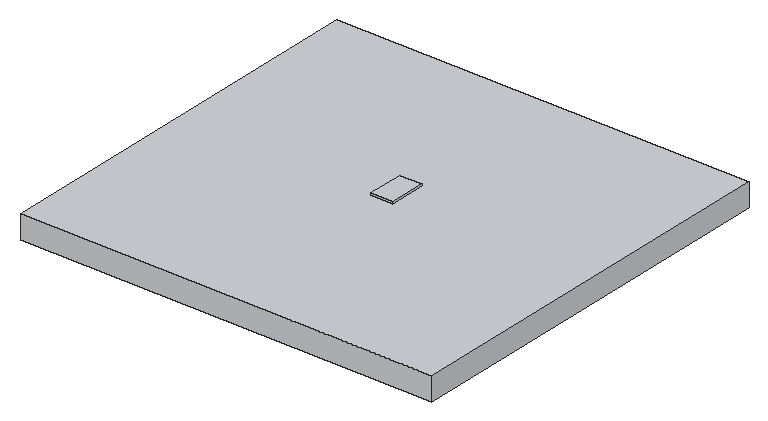
Revit family "a75bf0c049d142bb9499e8e434455553", category Aparatos eléctricos, Revit 2026
Family settings
  Anfitrión = Cara
  Cota de conector redondo = Usar diámetro
  Tipo de pieza = Interruptor
  ID de elemento Seek = Switch-0000-CAN-ENU
  Corte con vacíos al cargar = No
  Mantener orientación de anotación = Sí
  Compartido = No
  Punto de cálculo de habitación = No
Parameters (values of type "Ventilador")
  Voltaje de interruptor = 120 V
  Número de polos de interruptor = 1
  Clasificación de carga = Otros
  Texto de etiqueta = "F"
  Elevación por defecto = 1200 mm
  Carga aparente = 0 VA
Types (4, lengths in mm): name | Texto de etiqueta | Elevación por defecto
  Puerta motorizada | "F" | 1200
  Pantalla motorizada | "MS" | 1219
  Pantalla de proyección | "PS" | 1219
  Ventilador | "F" | 1200
Reference planes
  plane 1 "Centro (Frontal/Posterior)": y = 0
  plane 2: z = 0
  plane 3 "Centro (Izquierda/Derecha)": x = 0
  plane 4: x = -34.925
  plane 5: x = 34.925
  plane 6: x = -19.05
  plane 7: x = 19.05
  plane 8: y = 57.15
  plane 9: y = -57.15
  plane 10: y = 38.1
  plane 11: y = -38.1
  plane 12 "nivel superior": z = 4.762
  plane 13 "nivel inferior": z = -53.975
Forms (mm)
  Extrusion 1, solid
    sketch origin (0, 0, 0) x (1, 0, 0) y (0, 1, 0)
      loop
        line (-644.525, 571.5) -> (-644.525, -666.75) -> (644.525, -666.75) -> (644.525, 571.5) -> (-644.525, 571.5)
    from 0 to -72.672
  Extrusion 2, solid
    sketch origin (0, 0, 0) x (1, 0, 0) y (0, 1, 0)
      loop
        line (-34.925, 57.15) -> (-34.925, -57.15) -> (34.925, -57.15) -> (34.925, 57.15) -> (-34.925, 57.15)
    from 0 to 4.762
  Extrusion 3, solid
    sketch origin (0, 0, 0) x (1, 0, 0) y (0, 1, 0)
      loop
        line (-19.05, 38.1) -> (-19.05, -38.1) -> (19.05, -38.1) -> (19.05, 38.1) -> (-19.05, 38.1)
    from 0 to -53.975
Lines and regions (mm)
  symbolic lines, detail levels fine
    curve 1: line (-34.925, 0, 4.762) -> (34.925, 0, 4.762)
    curve 2: line (-34.925, 0, 0) -> (-34.925, 0, 4.762)
    curve 3: line (34.925, 0, 0) -> (-34.925, 0, 0)
    curve 4: line (34.925, 0, 4.762) -> (34.925, 0, 0)
    curve 5: line (-19.05, 0, -53.975) -> (19.05, 0, -53.975)
    curve 6: line (-19.05, 0, 0) -> (-19.05, 0, -53.975)
    curve 7: line (19.05, 0, -53.975) -> (19.05, 0, 0)
Dimensions and locks
  equal spacing: plane 6, plane 3 "Centro (Izquierda/Derecha)", plane 7, locked at 19.05 each
  locked: plane 6 to plane 7 at 38.1
  equal spacing: plane 4, plane 3 "Centro (Izquierda/Derecha)", plane 5, locked at 34.925 each
  locked: plane 4 to plane 5 at 69.85
  locked: plane 8 to plane 9 at 114.3
  locked: plane 12 "nivel superior" to level at 4.763
  locked: level to plane 13 "nivel inferior" at 53.975
  locked: plane 10 to plane 11 at 76.2
  equal spacing: plane 10, plane 1 "Centro (Frontal/Posterior)", plane 11, locked at 38.1 each
  equal spacing: plane 8, plane 1 "Centro (Frontal/Posterior)", plane 9, locked at 57.15 each
  aligned and locked: plane 2 to Extrusion 1
  aligned and locked: level to Extrusion 1
  aligned and locked: plane 8 to Extrusion 2
  aligned and locked: Extrusion 2 to plane 9
  aligned and locked: plane 5 to Extrusion 2
  aligned and locked: Extrusion 2 to plane 4
  aligned and locked: Extrusion 2 to level
  aligned and locked: plane 12 "nivel superior" to Extrusion 2
  aligned and locked: plane 10 to Extrusion 3
  aligned and locked: Extrusion 3 to plane 6
  aligned and locked: plane 7 to Extrusion 3
  aligned and locked: Extrusion 3 to plane 11
  aligned and locked: Extrusion 3 to level
  aligned and locked: Extrusion 3 to plane 13 "nivel inferior"
  aligned and locked: plane 3 "Centro (Izquierda/Derecha)" to nested 1
  aligned and locked: plane 1 "Centro (Frontal/Posterior)" to nested 1
  aligned and locked: curve 1 to plane 12 "nivel superior"
  aligned and locked: plane 2 to curve 3
  aligned and locked: curve 5 to plane 13 "nivel inferior"
Automatic sketch dimensions
  Extrusion 2 sketch curve to plane 4 = 0 mm
  Extrusion 2 sketch curve to plane 5 = 0 mm
  Extrusion 2 sketch curve to plane 9 = 0 mm
  Extrusion 2 sketch curve to plane 8 = 0 mm
  Extrusion 3 sketch curve to plane 6 = 0 mm
  Extrusion 3 sketch curve to plane 7 = 0 mm
  Extrusion 3 sketch curve to plane 11 = 0 mm
  Extrusion 3 sketch curve to plane 10 = 0 mm
  Extrusion 1 sketch curve to Extrusion 1 sketch curve = 1289.05 mm
  Extrusion 1 sketch curve to Extrusion 1 sketch curve = 1238.25 mm
  curve 2 to plane 4 = 0 mm
  curve 3 to plane 5 = 0 mm
  plane 4 to curve 7 = 53.975 mm
  curve 5 to curve 5 = 38.1 mm
Nested families
  nested 1: "M_Anotación de interruptor" at (0, 0, 0), type "Anotación de interruptor", detail levels coarse+medium
Connectors
  electrical at (0, 38.1, -26.988), driven by "Voltaje de interruptor", driven by "Carga aparente", driven by "Número de polos de interruptor", driven by "Clasificación de carga"
    settings: on Extrusion 3, index 1, voltage 120 V, apparent load 0 VA, apparent load phase1 0 VA, apparent load phase2 0 VA, apparent load phase3 0 VA, power factor 1, load classification "Otros", number of poles 1, system type 31, power factor state 1, is connector primary yes, connector utility no, sub classification motor no, connector description ""
Definition of nested family "M_Anotación de interruptor"
  Parameters
    Texto de etiqueta = "SC"
  Reference planes
    plane 1: y = 0
    plane 2: x = 0
  Lines and regions (mm)
    detail lines
      curve 1: line (0, 3.175, 0) -> (0, 0, 0)
      curve 3: arc (0.383, 2.833, 0) -> (-0.62, 2.459, 0) -> (0, 1.587, 0) r 0.674
      curve 4: arc (0, 1.587, 0) -> (0.392, 0.545, 0) -> (-0.718, 0.631, 0) r 0.66
    reference lines
      curve 2: line (0, 1.587, 0) -> (-3.044, 1.588, 0)
      curve 5: line (2.564, -1.199, 0) -> (2.564, 2.384, 0)
      curve 6: line (2.564, -1.199, 0) -> (7.201, -1.199, 0)
      curve 7: line (2.564, 1.163, 0) -> (7.878, 1.163, 0)
  Text (mm)
    label "2" at (0.646, -0.127, 0), shows "Texto de etiqueta"
  Dimensions and locks
    locked: curve 6 to curve 7 at 2.362
    locked: curve 1 to curve 5 at 2.564
    locked: curve 1 to curve 1 at 3.175
    locked: plane 1 to curve 2 at 1.588
    aligned and locked: curve 1 to curve 2
    aligned and locked: curve 3 to curve 2
    aligned and locked: curve 4 to curve 2
    aligned and locked: plane 1 to curve 1
    aligned and locked: curve 1 to plane 2
    aligned and locked: plane 2 to curve 1
